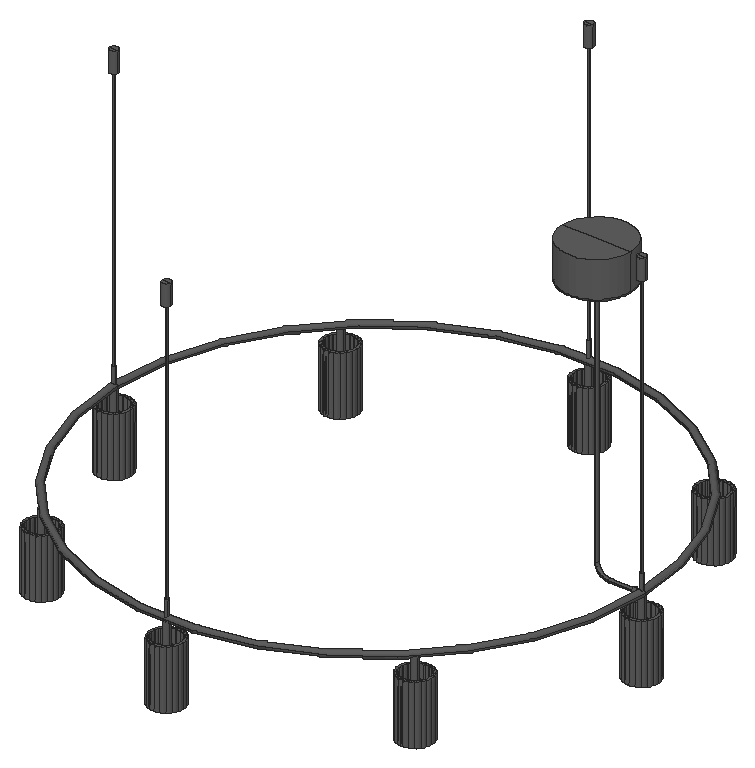
Revit family "Lighting_Pendants_Pholc_Donna_Circle-1000", category Lighting Fixtures, host Ceiling, Revit 2017
Family settings
  Host = Ceiling
  Round Connector Dimension = Use Diameter
  Part Type = Normal
  Always vertical = Yes
  Cut with Voids When Loaded = No
  Light Source = No
  Shared = No
  Room Calculation Point = No
Parameters (values of type "Donna Pendant Circle 1000 - Black Ink")
  Wattage Comments = ""
  WarrantyStartDate = "n/a"
  WarrantyGuarantorParts = "n/a"
  WarrantyGuarantorLabor = "n/a"
  WarrantyDurationUnit = "Years"
  WarrantyDurationParts = "n/a"
  WarrantyDurationLabor = "n/a"
  WarrantyDescription = "n/a"
  VersionDate = "21/04/2020"  # constant formula
  Version = "1"  # constant formula
  UsageCurrent = 0 A
  Uniclass2015Reference = "Pr_70_70_48_86"
  Uniclass2015Description = "Suspended luminaires"
  Uniclass2 = "Pr_70_70_49_86"
  URL = "https://www.pholc.se/our-products/donna-circle-100/"
  TotalWattage = 7 W
  TagNumber [instance] = "n/a"
  SustainabilityPerformance = "n/a"
  Size = "1000x1000x140 mm"
  Shape = "Sculptured"
  SerialNumber [instance] = "n/a"
  Revision = "n/a"
  ReplacementCost = "n/a"
  ProductInformation = "The Donna pendant lamp projects the feeling of a soft pleated textile, although it’s actually made from thin, light aluminium."
  PhaseReference = "n/a"
  PhaseAngle = 0.00°
  NumberOfSources = 1
  NumberOfPoles = 1
  NominalVoltageCalc = 230 V
  NominalVoltage = 230 V
  NominalLength = 1063.361 mm
  NominalHeight [instance] = 214 mm + CableLengthControl  # 714 mm
  NominalFrequencyRange = 0 Hz
  NominalDepth = 1063.361 mm
  NominalCurrent = 0 A
  Name = "Pholc_Donna_Circle-1000"
  NBSReference = "90-60-50/405"
  NBSDescription = "General purpose luminaires"
  ModelReference = ArticleNumber  # "964185"
  ModelNumber = "n/a"
  Model = "Donna Pendant Circle 1000 - Black Ink"
  Material = "Aluminium & textile"
  ManufacturersSpecificInformation = "n/a"
  ManufacturerURL = "www.pholc.se/"
  ManufacturerName = "Pholc"
  Manufacturer = "Pholc"
  MaintenanceFactor = 0
  LightFixturePlacingType = "Ceilling"
  LightFixtureMountingType = "Suspended"
  LightFixtureMainMaterial = Black ink
  Lamp = ""
  InsulationStandardClass = "Class II"
  InstallationDate = "n/a"
  IfcExportType = "NOTDEFINED"  # constant formula
  IfcExportAs = "IfcLightFixtureType"  # constant formula
  IP_Code = "IP 20"
  HasProtectiveEarth = no
  Grade = "n/a"
  Finish = "n/a"
  Features = "Textile cable. Cable length 500 cm. Socket GU10."
  ExpectedLife = "n/a"
  ElectricalDeviceNominalPower = 7 W
  DurationUnit = "Hours"
  Designer = "Nina Jobs & Stina Sandwall"
  Description = "The Donna pendant lamp projects the feeling of a soft pleated textile, although it’s actually made from thin, light aluminium. Its form is inspired by the chic fabrics used in high fashion and the challenges of creating this softness using a hard material instead of a textile. A beautiful and versatile piece with an expressive personality; equally at home in all environments. For larger spaces the Donna Line and Donna Circle can be selected in four, six or eight lamp variants, casting a warm direct light downwards."
  DefaultElevation = 0 mm
  ConvergoRefNr = "0103-1912-0004-SE"
  Constituents = "n/a"
  Color = "Black Ink"
  Collection = "Donna"
  built-in parameter 1114216 [instance] = (empty or 0)
  CodePerformance = "n/a"
  Category = "Pendant"
  CableLengthControl [instance] = if(CableLength < 200 mm, 200 mm, if(CableLength > 5000 mm, 5000 mm, CableLength))  # 500 mm
  CableLength [instance] = 500 mm
  Brand = "Pholc"
  Barcode [instance] = "n/a"
  BIMObjectName = "Lighting_Pendants_Pholc_Donna_Circle-1000"
  Author = "Convergo AB"  # constant formula
  AssetType = "Fixed"
  AssetIdentifier [instance] = "n/a"
  ArticleNumber = "964185"
  Apparent Load = 0 VA
  AccessibilityPerformance = "n/a"
Reference planes
  plane 1 "Center (Front/Back)": y = 0
  plane 2: z = 0
  plane 3 "Center (Left/Right)": x = 0
  plane 4 "Ceiling": z = 4000
  plane 5: x = -531.681
  plane 6: x = 531.681
  plane 7: y = 531.681
  plane 8: y = -531.681
  plane 9: z = 3286
Dimensions and locks
  equal spacing: host sketch curve, plane 3 "Center (Left/Right)", host sketch curve
  equal spacing: host sketch curve, plane 1 "Center (Front/Back)", host sketch curve
  host sketch curve to host sketch curve = 4000 mm  (x2)
  plane 4 "Ceiling" to host ceiling = 0 mm
  equal spacing: plane 5, plane 3 "Center (Left/Right)", plane 6
  "NominalLength": plane 5 to plane 6
  equal spacing: plane 7, plane 1 "Center (Front/Back)", plane 8
  "NominalDepth": plane 7 to plane 8
  "NominalHeight": plane 9 to plane 4 "Ceiling"
  aligned and locked: nested 1 to plane 3 "Center (Left/Right)"
  aligned and locked: nested 1 to plane 1 "Center (Front/Back)"
  aligned and locked: nested 1 to plane 4 "Ceiling"
Nested families
  nested 1: "Donna_Circle_1000" at (0, 0, 3286), CableLength <- "CableLengthControl", Metal <- "LightFixtureMainMaterial", Cable <- "LightFixtureMainMaterial", type "Donna_Circle_1000"
    with Metal Black ink, CableLength 500 mm, Cable Black ink
Connectors
  electrical at (415, 0, 4000), driven by "NominalVoltage"
    settings: on nested 1, index 1, voltage 230 V, apparent load 0 VA, apparent load phase1 0 VA, apparent load phase2 0 VA, apparent load phase3 0 VA, power factor 1, load classification "Other", number of poles 1, system type 31, power factor state 1, is connector primary yes, connector utility no, sub classification motor no, connector description ""
Definition of nested family "Donna_Circle_1000"
  Parameters (values of type "Donna_Circle_1000")
    Metal [instance] = none
    CableLength [instance] = 500 mm
    Cable [instance] = none
  Reference planes
    plane 1 "Center (Front/Back)": y = 0
    plane 2: z = 0
    plane 3 "Center (Left/Right)": x = 0
    plane 4: z = 714
    plane 5: z = 676
    plane 6: z = 644
    plane 7: z = 176
    plane 8: y = -531.681
    plane 9: y = 531.681
    plane 10: x = 531.681
    plane 11: x = -531.681
  Forms (mm)
    Revolve 1, solid, material <- "Metal", detail levels medium+fine
      sketch origin (-200, 0, 0) x (1, 0, 0) y (0, 0, 1)
        loop
          line (-308, 714) -> (-308, 676) -> (-300, 676) -> (-300, 714) -> (-308, 714)
        loop
          line (-303, 176) -> (-303, 141) -> (-300, 141) -> (-300, 176) -> (-303, 176)
        axis (-300, 141) -> (-300, 714)
      angle from 0 to 360
    Revolve 2, solid, material <- "Metal", detail levels medium+fine
      sketch origin (300, 500, 0) x (1, 0, 0) y (0, 0, 1)
        loop
          line (-308, 714) -> (-308, 676) -> (-300, 676) -> (-300, 714) -> (-308, 714)
        loop
          line (-300, 176) -> (-303, 176) -> (-303, 141) -> (-300, 141) -> (-300, 176)
        axis (-300, 141) -> (-300, 714)
      angle from 0 to 360
    Revolve 3, solid, material <- "Metal", detail levels medium+fine
      sketch origin (800, 0, 0) x (1, 0, 0) y (0, 0, 1)
        loop
          line (-308, 714) -> (-308, 676) -> (-300, 676) -> (-300, 714) -> (-308, 714)
        loop
          line (-303, 176) -> (-303, 141) -> (-300, 141) -> (-300, 176) -> (-303, 176)
        axis (-300, 141) -> (-300, 714)
      angle from 0 to 360
    Revolve 4, solid, material <- "Metal", detail levels medium+fine
      sketch origin (180, 0, 0) x (1, 0, 0) y (0, 0, 1)
        loop
          line (170, 714) -> (170, 646)
          arc (170, 646) -> (170.586, 644.586) -> (172, 644) r 2
          line (172, 644) -> (235, 644) -> (235, 714) -> (170, 714)
        axis (235, 714) -> (235, 644)
      angle from 0 to 360
    Revolve 5, solid, material <- "Metal", detail levels medium+fine
      sketch origin (0, 0, 0) x (1, 0, 0) y (0, 0, 1)
        loop
          circle (-500, 142) r 6.001
        axis (0, 142) -> (0, 141)
      angle from 0 to 360
    Sweep 6, solid, material <- "Cable", detail levels medium+fine
      path origin (200, 0, 0) x (1, 0, 0) y (0, 0, 1)
        loop
          line (215, 676) -> (215, 167)
          arc (215, 167) -> (222.322, 149.322) -> (240, 142) r 25
          line (240, 142) -> (290, 142)
      profile origin (415, 0, 421.5) x (0, -1, 0) y (1, 0, 0)
        loop
          circle (0, 0) r 3
    Revolve 7, solid, material <- "Metal", detail levels medium+fine
      sketch origin (200, 0, 0) x (1, 0, 0) y (0, 0, 1)
        loop
          line (285, 146.286) -> (285, 142) -> (300, 142) -> (300, 146.286) -> (285, 146.286)
        axis (285, 142) -> (300, 142)
      angle from 0 to 360
    Sweep 8, solid, material <- "Cable", detail levels medium+fine
      path origin (0, 0, 0) x (1, 0, 0) y (0, 0, 1)
        loop
          line (0, 176) -> (0, 676)
      profile origin (0, 0, 426) x (-1, 0, 0) y (0, -1, 0)
        loop
          circle (0, -500) r 1
        loop
          circle (-500, 0) r 1
        loop
          circle (0, 500) r 1
        loop
          circle (500, 0) r 1
    Revolve 9, solid, material <- "Metal", detail levels medium+fine
      sketch origin (300, -500, 0) x (1, 0, 0) y (0, 0, -1)
        loop
          line (-308, -714) -> (-300, -714) -> (-300, -676) -> (-308, -676) -> (-308, -714)
        loop
          line (-300, -176) -> (-300, -141) -> (-303, -141) -> (-303, -176) -> (-300, -176)
        axis (-300, -141) -> (-300, -714)
      angle from 0 to 360
    Extrusion 10, solid, material <- "Metal", detail levels coarse
      sketch origin (0, 0, 0) x (1, 0, 0) y (0, 1, 0)
        loop
          line (-531.681, 531.681) -> (-531.681, -531.681) -> (531.681, -531.681) -> (531.681, 531.681) -> (-531.681, 531.681)
      from 0 to 714
  Cuts and joins
    joined: Revolve 1, Revolve 2, Revolve 3, Revolve 5, Revolve 7, Revolve 9
  Lines and regions (mm)
    symbolic lines, detail levels medium+fine
      curve 1: arc (517.634, 24.271, 0) -> (522.629, 22.629, 0) -> (524.271, 17.634, 0) r 5.828
      curve 2: arc (524.271, 17.634, 0) -> (528.515, 14.529, 0) -> (528.532, 9.271, 0) r 5.828
      curve 3: arc (528.532, 9.271, 0) -> (531.609, 5.006, 0) -> (530, 0, 0) r 5.828
      curve 4: arc (530, 0, 0) -> (531.609, -5.006, 0) -> (528.532, -9.271, 0) r 5.828
      curve 5: arc (528.532, -9.271, 0) -> (528.515, -14.529, 0) -> (524.271, -17.634, 0) r 5.828
      curve 6: arc (524.271, -17.634, 0) -> (522.629, -22.629, 0) -> (517.634, -24.271, 0) r 5.828
      curve 7: arc (517.634, -24.271, 0) -> (514.529, -28.515, 0) -> (509.271, -28.532, 0) r 5.828
      curve 8: arc (509.271, -28.532, 0) -> (507.507, -30.577, 0) -> (505.012, -31.608, 0) r 5.828
      curve 9: arc (505.012, 31.608, 0) -> (507.507, 30.577, 0) -> (509.271, 28.532, 0) r 5.828
      curve 10: arc (509.271, 28.532, 0) -> (514.529, 28.515, 0) -> (517.634, 24.271, 0) r 5.828
      curve 31: line (-531.681, 0, 111) -> (-531.681, 0, 0)
      curve 32: line (-531.681, 0, 0) -> (-468.319, 0, 0)
      curve 33: line (-468.319, 0, 0) -> (-468.319, 0, 111)
      curve 34: line (-506, 0, 142) -> (-506, 0, 111)
      curve 35: line (-494, 0, 135.999) -> (-494, 0, 111)
      curve 36: line (-468.319, 0, 111) -> (-494, 0, 111)
      curve 38: line (-506, 0, 111) -> (-531.681, 0, 111)
      curve 39: line (-31.681, 0, 111) -> (-31.681, 0, 0)
      curve 40: line (-31.681, 0, 0) -> (31.681, 0, 0)
      curve 41: line (31.681, 0, 0) -> (31.681, 0, 111)
      curve 42: line (-6, 0, 135.999) -> (-6, 0, 111)
      curve 43: line (6, 0, 135.999) -> (6, 0, 111)
      curve 44: line (31.681, 0, 111) -> (6, 0, 111)
      curve 46: line (-6, 0, 111) -> (-31.681, 0, 111)
      curve 47: line (468.319, 0, 111) -> (468.319, 0, 0)
      curve 48: line (468.319, 0, 0) -> (531.681, 0, 0)
      curve 49: line (531.681, 0, 0) -> (531.681, 0, 111)
      curve 50: line (494, 0, 135.999) -> (494, 0, 111)
      curve 51: line (531.681, 0, 111) -> (506, 0, 111)
      curve 53: line (494, 0, 111) -> (468.319, 0, 111)
      curve 56: arc (-506, 0, 142) -> (-505.196, 0, 145) -> (-503, 0, 147.197) r 6.001
      curve 57: line (-503, 0, 176) -> (-503, 0, 147.197)
      curve 58: line (-503, 0, 176) -> (-501, 0, 176)
      curve 59: line (-497, 0, 176) -> (-497, 0, 148.001)
      curve 61: line (-497, 0, 176) -> (-499, 0, 176)
      curve 62: line (-6, 0, 135.999) -> (-347.553, 0, 135.999)
      curve 65: line (-497, 0, 148.001) -> (-3, 0, 148.001)
      curve 67: line (-501, 0, 176) -> (-501, 0, 676)
      curve 68: line (-499, 0, 176) -> (-499, 0, 676)
      curve 69: line (-3, 0, 176) -> (-3, 0, 148.001)
      curve 70: line (-3, 0, 176) -> (-1, 0, 176)
      curve 71: line (3, 0, 176) -> (3, 0, 148.001)
      curve 73: line (3, 0, 176) -> (1, 0, 176)
      curve 74: line (-1, 0, 176) -> (-1, 0, 676)
      curve 75: line (1, 0, 176) -> (1, 0, 676)
      curve 77: line (3, 0, 148.001) -> (419.432, 0, 148.001)
      curve 79: arc (503, 0, 147.197) -> (505.196, 0, 145) -> (506, 0, 142) r 6.001
      curve 80: line (506, 0, 111) -> (506, 0, 142)
      curve 82: line (-508, 0, 714) -> (-508, 0, 676)
      curve 83: line (-508, 0, 714) -> (-492, 0, 714)
      curve 84: line (-492, 0, 714) -> (-492, 0, 676)
      curve 85: line (-508, 0, 676) -> (-501, 0, 676)
      curve 87: line (-499, 0, 676) -> (-492, 0, 676)
      curve 88: line (-8, 0, 714) -> (-8, 0, 676)
      curve 89: line (-8, 0, 714) -> (8, 0, 714)
      curve 90: line (8, 0, 714) -> (8, 0, 676)
      curve 91: line (-8, 0, 676) -> (-1, 0, 676)
      curve 93: line (1, 0, 676) -> (8, 0, 676)
      curve 94: line (350, 0, 714) -> (350, 0, 646)
      curve 95: arc (350, 0, 646) -> (350.586, 0, 644.586) -> (352, 0, 644) r 2
      curve 96: line (352, 0, 644) -> (412, 0, 644)
      curve 97: line (480, 0, 714) -> (480, 0, 646)
      curve 98: arc (480, 0, 646) -> (479.414, 0, 644.586) -> (478, 0, 644) r 2
      curve 99: line (412, 0, 644) -> (412, 0, 167)
      curve 100: line (418, 0, 644) -> (418, 0, 167)
      curve 101: line (350, 0, 714) -> (480, 0, 714)
      curve 102: line (478, 0, 644) -> (418, 0, 644)
      curve 104: arc (428.908, 0, 148.001) -> (420.921, 0, 156.046) -> (418, 0, 167) r 22
      curve 105: arc (419.432, 0, 148.001) -> (413.924, 0, 156.799) -> (412, 0, 167) r 28
      curve 106: line (428.908, 0, 148.001) -> (497, 0, 148.001)
      curve 108: line (0, 506, 111) -> (0, 531.681, 111)
      curve 109: line (0, 531.681, 111) -> (0, 531.681, 0)
      curve 110: line (0, 531.681, 0) -> (0, 468.319, 0)
      curve 111: line (0, 468.319, 0) -> (0, 468.319, 111)
      curve 112: line (0, 506, 142) -> (0, 506, 111)
      curve 114: line (0, 494, 111) -> (0, 468.319, 111)
      curve 115: line (0, 494, 135.999) -> (0, 494, 111)
      curve 116: line (0, 6, 111) -> (0, 31.681, 111)
      curve 117: line (0, 31.681, 111) -> (0, 31.681, 0)
      curve 118: line (0, 31.681, 0) -> (0, -31.681, 0)
      curve 119: line (0, -31.681, 0) -> (0, -31.681, 111)
      curve 120: line (0, 6, 135.999) -> (0, 6, 111)
      curve 122: line (0, -6, 111) -> (0, -31.681, 111)
      curve 123: line (0, -6, 135.999) -> (0, -6, 111)
      curve 127: line (0, 503, 176) -> (0, 503, 147.197)
      curve 128: line (0, 503, 176) -> (0, 501, 176)
      curve 129: line (0, 497, 176) -> (0, 497, 148.001)
      curve 131: line (0, 494, 135.999) -> (0, 359.553, 135.999)
      curve 133: line (0, 3, 176) -> (0, 3, 148.001)
      curve 134: line (0, -3, 176) -> (0, -3, 148.001)
      curve 136: line (0, -3, 148.001) -> (0, -497, 148.001)
      curve 137: line (0, 501, 176) -> (0, 501, 676)
      curve 138: line (0, 499, 176) -> (0, 499, 676)
      curve 139: line (0, 499, 176) -> (0, 497, 176)
      curve 141: line (0, 3, 176) -> (0, 3, 644)
      curve 142: line (0, -3, 176) -> (0, -3, 644)
      curve 145: line (0, 508, 714) -> (0, 508, 676)
      curve 146: line (0, 508, 714) -> (0, 492, 714)
      curve 147: line (0, 492, 714) -> (0, 492, 676)
      curve 148: line (0, 492, 676) -> (0, 499, 676)
      curve 150: line (0, 501, 676) -> (0, 508, 676)
      curve 151: line (0, 65, 714) -> (0, 65, 646)
      curve 152: line (0, 65, 714) -> (0, -65, 714)
      curve 153: line (0, -65, 714) -> (0, -65, 646)
      curve 154: line (0, 63, 644) -> (0, 3, 644)
      curve 155: line (0, -63, 644) -> (0, -3, 644)
      curve 156: arc (0, 65, 646) -> (0, 64.414, 644.586) -> (0, 63, 644) r 2
      curve 157: arc (0, -65, 646) -> (0, -64.414, 644.586) -> (0, -63, 644) r 2
      curve 159: line (0, 497, 148.001) -> (0, 3, 148.001)
      curve 160: arc (-371.187, 377.824, 0) -> (-376.183, 376.183, 0) -> (-377.824, 371.187, 0) r 5.828
      curve 161: arc (-377.824, 371.187, 0) -> (-382.068, 368.082, 0) -> (-382.085, 362.824, 0) r 5.828
      curve 162: arc (-382.085, 362.824, 0) -> (-385.162, 358.56, 0) -> (-383.553, 353.553, 0) r 5.828
      curve 163: arc (-383.553, 353.553, 0) -> (-385.162, 348.547, 0) -> (-382.085, 344.283, 0) r 5.828
      curve 164: arc (-382.085, 344.283, 0) -> (-382.178, 339.252, 0) -> (-378.318, 336.023, 0) r 5.828
      curve 174: arc (-336.023, 378.318, 0) -> (-339.252, 382.178, 0) -> (-344.283, 382.085, 0) r 5.828
      curve 175: arc (-344.283, 382.085, 0) -> (-348.547, 385.162, 0) -> (-353.553, 383.553, 0) r 5.828
      curve 176: arc (-353.553, 383.553, 0) -> (-358.56, 385.162, 0) -> (-362.824, 382.085, 0) r 5.828
      curve 177: arc (-362.824, 382.085, 0) -> (-368.082, 382.068, 0) -> (-371.187, 377.824, 0) r 5.828
      curve 240: arc (-9.271, 528.532, 0) -> (-14.529, 528.515, 0) -> (-17.634, 524.271, 0) r 5.828
      curve 241: arc (-17.634, 524.271, 0) -> (-22.629, 522.629, 0) -> (-24.271, 517.634, 0) r 5.828
      curve 242: arc (-24.271, 517.634, 0) -> (-28.515, 514.529, 0) -> (-28.532, 509.271, 0) r 5.828
      curve 243: arc (-28.532, 509.271, 0) -> (-30.577, 507.507, 0) -> (-31.608, 505.012, 0) r 5.828
      curve 254: arc (31.608, 505.012, 0) -> (30.577, 507.507, 0) -> (28.532, 509.271, 0) r 5.828
      curve 255: arc (28.532, 509.271, 0) -> (28.515, 514.529, 0) -> (24.271, 517.634, 0) r 5.828
      curve 256: arc (24.271, 517.634, 0) -> (22.629, 522.629, 0) -> (17.634, 524.271, 0) r 5.828
      curve 257: arc (17.634, 524.271, 0) -> (14.529, 528.515, 0) -> (9.271, 528.532, 0) r 5.828
      curve 258: arc (9.271, 528.532, 0) -> (5.006, 531.609, 0) -> (0, 530, 0) r 5.828
      curve 259: arc (0, 530, 0) -> (-5.006, 531.609, 0) -> (-9.271, 528.532, 0) r 5.828
      curve 299: arc (344.283, 382.085, 0) -> (339.252, 382.178, 0) -> (336.023, 378.318, 0) r 5.828
      curve 309: arc (378.318, 336.023, 0) -> (382.178, 339.252, 0) -> (382.085, 344.283, 0) r 5.828
      curve 310: arc (382.085, 344.283, 0) -> (385.162, 348.547, 0) -> (383.553, 353.553, 0) r 5.828
      curve 311: arc (383.553, 353.553, 0) -> (385.162, 358.56, 0) -> (382.085, 362.824, 0) r 5.828
      curve 312: arc (382.085, 362.824, 0) -> (382.068, 368.082, 0) -> (377.824, 371.187, 0) r 5.828
      curve 313: arc (377.824, 371.187, 0) -> (376.183, 376.183, 0) -> (371.187, 377.824, 0) r 5.828
      curve 314: arc (371.187, 377.824, 0) -> (368.082, 382.068, 0) -> (362.824, 382.085, 0) r 5.828
      curve 315: arc (362.824, 382.085, 0) -> (358.56, 385.162, 0) -> (353.553, 383.553, 0) r 5.828
      curve 316: arc (353.553, 383.553, 0) -> (348.547, 385.162, 0) -> (344.283, 382.085, 0) r 5.828
      curve 355: arc (-371.187, -377.824, 0) -> (-376.183, -376.183, 0) -> (-377.824, -371.187, 0) r 5.828
      curve 356: arc (-377.824, -371.187, 0) -> (-382.068, -368.082, 0) -> (-382.085, -362.824, 0) r 5.828
      curve 357: arc (-382.085, -362.824, 0) -> (-385.162, -358.56, 0) -> (-383.553, -353.553, 0) r 5.828
      curve 358: arc (-383.553, -353.553, 0) -> (-385.162, -348.547, 0) -> (-382.085, -344.283, 0) r 5.828
      curve 359: arc (-382.085, -344.283, 0) -> (-382.178, -339.252, 0) -> (-378.318, -336.023, 0) r 5.828
      curve 369: arc (-336.023, -378.318, 0) -> (-339.252, -382.178, 0) -> (-344.283, -382.085, 0) r 5.828
      curve 370: arc (-344.283, -382.085, 0) -> (-348.547, -385.162, 0) -> (-353.553, -383.553, 0) r 5.828
      curve 371: arc (-353.553, -383.553, 0) -> (-358.56, -385.162, 0) -> (-362.824, -382.085, 0) r 5.828
      curve 372: arc (-362.824, -382.085, 0) -> (-368.082, -382.068, 0) -> (-371.187, -377.824, 0) r 5.828
      curve 411: arc (-9.271, -528.532, 0) -> (-14.529, -528.515, 0) -> (-17.634, -524.271, 0) r 5.828
      curve 412: arc (-17.634, -524.271, 0) -> (-22.629, -522.629, 0) -> (-24.271, -517.634, 0) r 5.828
      curve 413: arc (-24.271, -517.634, 0) -> (-28.515, -514.529, 0) -> (-28.532, -509.271, 0) r 5.828
      curve 414: arc (-28.532, -509.271, 0) -> (-30.577, -507.507, 0) -> (-31.608, -505.012, 0) r 5.828
      curve 425: arc (31.608, -505.012, 0) -> (30.577, -507.507, 0) -> (28.532, -509.271, 0) r 5.828
      curve 426: arc (28.532, -509.271, 0) -> (28.515, -514.529, 0) -> (24.271, -517.634, 0) r 5.828
      curve 427: arc (24.271, -517.634, 0) -> (22.629, -522.629, 0) -> (17.634, -524.271, 0) r 5.828
      curve 428: arc (17.634, -524.271, 0) -> (14.529, -528.515, 0) -> (9.271, -528.532, 0) r 5.828
      curve 429: arc (9.271, -528.532, 0) -> (5.006, -531.609, 0) -> (0, -530, 0) r 5.828
      curve 430: arc (0, -530, 0) -> (-5.006, -531.609, 0) -> (-9.271, -528.532, 0) r 5.828
      curve 468: arc (344.283, -382.085, 0) -> (339.252, -382.178, 0) -> (336.023, -378.318, 0) r 5.828
      curve 478: arc (378.318, -336.023, 0) -> (382.178, -339.252, 0) -> (382.085, -344.283, 0) r 5.828
      curve 479: arc (382.085, -344.283, 0) -> (385.162, -348.547, 0) -> (383.553, -353.553, 0) r 5.828
      curve 480: arc (383.553, -353.553, 0) -> (385.162, -358.56, 0) -> (382.085, -362.824, 0) r 5.828
      curve 481: arc (382.085, -362.824, 0) -> (382.068, -368.082, 0) -> (377.824, -371.187, 0) r 5.828
      curve 482: arc (377.824, -371.187, 0) -> (376.183, -376.183, 0) -> (371.187, -377.824, 0) r 5.828
      curve 483: arc (371.187, -377.824, 0) -> (368.082, -382.068, 0) -> (362.824, -382.085, 0) r 5.828
      curve 484: arc (362.824, -382.085, 0) -> (358.56, -385.162, 0) -> (353.553, -383.553, 0) r 5.828
      curve 485: arc (353.553, -383.553, 0) -> (348.547, -385.162, 0) -> (344.283, -382.085, 0) r 5.828
      curve 526: arc (31.608, -505.012, 0) -> (194.425, -467.156, 0) -> (336.023, -378.318, 0) r 506
      curve 528: arc (-336.023, -378.318, 0) -> (-194.425, -467.156, 0) -> (-31.608, -505.012, 0) r 506
      curve 531: arc (378.318, -336.023, 0) -> (467.156, -194.425, 0) -> (505.012, -31.608, 0) r 506
      curve 533: arc (505.012, 31.608, 0) -> (467.156, 194.425, 0) -> (378.318, 336.023, 0) r 506
      curve 535: arc (336.023, 378.318, 0) -> (194.425, 467.156, 0) -> (31.608, 505.012, 0) r 506
      curve 537: arc (-31.608, 505.012, 0) -> (-194.425, 467.156, 0) -> (-336.023, 378.318, 0) r 506
      curve 539: arc (-378.318, 336.023, 0) -> (-467.156, 194.425, 0) -> (-505.012, 31.608, 0) r 506
      curve 540: arc (-517.634, 24.271, 0) -> (-522.629, 22.629, 0) -> (-524.271, 17.634, 0) r 5.828
      curve 541: arc (-524.271, 17.634, 0) -> (-528.515, 14.529, 0) -> (-528.532, 9.271, 0) r 5.828
      curve 542: arc (-528.532, 9.271, 0) -> (-531.609, 5.006, 0) -> (-530, 0, 0) r 5.828
      curve 543: arc (-530, 0, 0) -> (-531.609, -5.006, 0) -> (-528.532, -9.271, 0) r 5.828
      curve 544: arc (-528.532, -9.271, 0) -> (-528.515, -14.529, 0) -> (-524.271, -17.634, 0) r 5.828
      curve 545: arc (-524.271, -17.634, 0) -> (-522.629, -22.629, 0) -> (-517.634, -24.271, 0) r 5.828
      curve 546: arc (-517.634, -24.271, 0) -> (-514.529, -28.515, 0) -> (-509.271, -28.532, 0) r 5.828
      curve 547: arc (-509.271, -28.532, 0) -> (-507.507, -30.577, 0) -> (-505.012, -31.608, 0) r 5.828
      curve 558: arc (-505.012, 31.608, 0) -> (-507.507, 30.577, 0) -> (-509.271, 28.532, 0) r 5.828
      curve 559: arc (-509.271, 28.532, 0) -> (-514.529, 28.515, 0) -> (-517.634, 24.271, 0) r 5.828
      curve 600: arc (-505.012, -31.608, 0) -> (-467.156, -194.425, 0) -> (-378.318, -336.023, 0) r 506
      curve 601: line (-385.234, 0, 111) -> (-385.234, 0, 0)
      curve 602: line (-385.234, 0, 0) -> (-321.873, 0, 0)
      curve 603: line (-321.873, 0, 0) -> (-321.873, 0, 111)
      curve 604: line (-359.553, 0, 135.999) -> (-359.553, 0, 111)
      curve 605: line (-347.553, 0, 135.999) -> (-347.553, 0, 111)
      curve 606: line (-321.873, 0, 111) -> (-347.553, 0, 111)
      curve 608: line (-359.553, 0, 111) -> (-385.234, 0, 111)
      curve 610: line (-359.553, 0, 135.999) -> (-494, 0, 135.999)
      curve 611: line (6, 0, 135.999) -> (347.553, 0, 135.999)
      curve 612: line (385.234, 0, 111) -> (385.234, 0, 0)
      curve 613: line (385.234, 0, 0) -> (321.873, 0, 0)
      curve 614: line (321.873, 0, 0) -> (321.873, 0, 111)
      curve 615: line (359.553, 0, 135.999) -> (359.553, 0, 111)
      curve 616: line (347.553, 0, 135.999) -> (347.553, 0, 111)
      curve 617: line (321.873, 0, 111) -> (347.553, 0, 111)
      curve 619: line (359.553, 0, 111) -> (385.234, 0, 111)
      curve 621: line (359.553, 0, 135.999) -> (494, 0, 135.999)
      curve 623: line (503, 0, 176) -> (503, 0, 147.197)
      curve 624: line (503, 0, 176) -> (501, 0, 176)
      curve 625: line (497, 0, 176) -> (497, 0, 148.001)
      curve 627: line (497, 0, 176) -> (499, 0, 176)
      curve 629: line (501, 0, 176) -> (501, 0, 676)
      curve 630: line (499, 0, 176) -> (499, 0, 676)
      curve 631: line (508, 0, 714) -> (508, 0, 676)
      curve 632: line (508, 0, 714) -> (492, 0, 714)
      curve 633: line (492, 0, 714) -> (492, 0, 676)
      curve 634: line (508, 0, 676) -> (501, 0, 676)
      curve 636: line (499, 0, 676) -> (492, 0, 676)
      curve 637: arc (0, 506, 142) -> (0, 505.196, 145) -> (0, 503, 147.197) r 6.001
      curve 639: line (0, -506, 111) -> (0, -531.681, 111)
      curve 640: line (0, -531.681, 111) -> (0, -531.681, 0)
      curve 641: line (0, -531.681, 0) -> (0, -468.319, 0)
      curve 642: line (0, -468.319, 0) -> (0, -468.319, 111)
      curve 643: line (0, -506, 142) -> (0, -506, 111)
      curve 645: line (0, -494, 111) -> (0, -468.319, 111)
      curve 646: line (0, -494, 135.999) -> (0, -494, 111)
      curve 650: line (0, -503, 176) -> (0, -503, 147.197)
      curve 651: line (0, -503, 176) -> (0, -501, 176)
      curve 652: line (0, -497, 176) -> (0, -497, 148.001)
      curve 653: line (0, -501, 176) -> (0, -501, 676)
      curve 654: line (0, -499, 176) -> (0, -499, 676)
      curve 655: line (0, -499, 176) -> (0, -497, 176)
      curve 657: line (0, -508, 714) -> (0, -508, 676)
      curve 658: line (0, -508, 714) -> (0, -492, 714)
      curve 659: line (0, -492, 714) -> (0, -492, 676)
      curve 660: line (0, -492, 676) -> (0, -499, 676)
      curve 662: line (0, -501, 676) -> (0, -508, 676)
      curve 663: arc (0, -506, 142) -> (0, -505.196, 145) -> (0, -503, 147.197) r 6.001
      curve 665: line (0, 359.553, 111) -> (0, 385.234, 111)
      curve 666: line (0, 385.234, 111) -> (0, 385.234, 0)
      curve 667: line (0, 385.234, 0) -> (0, 321.873, 0)
      curve 668: line (0, 321.873, 0) -> (0, 321.873, 111)
      curve 669: line (0, 359.553, 135.999) -> (0, 359.553, 111)
      curve 671: line (0, 347.553, 111) -> (0, 321.873, 111)
      curve 672: line (0, 347.553, 135.999) -> (0, 347.553, 111)
      curve 674: line (0, 347.553, 135.999) -> (0, 6, 135.999)
      curve 675: line (0, -494, 135.999) -> (0, -359.553, 135.999)
      curve 676: line (0, -359.553, 111) -> (0, -385.234, 111)
      curve 677: line (0, -385.234, 111) -> (0, -385.234, 0)
      curve 678: line (0, -385.234, 0) -> (0, -321.873, 0)
      curve 679: line (0, -321.873, 0) -> (0, -321.873, 111)
      curve 680: line (0, -359.553, 135.999) -> (0, -359.553, 111)
      curve 682: line (0, -347.553, 111) -> (0, -321.873, 111)
      curve 683: line (0, -347.553, 135.999) -> (0, -347.553, 111)
      curve 685: line (0, -347.553, 135.999) -> (0, -6, 135.999)
    symbolic lines, detail levels fine
      curve 11: arc (505.265, -27.257, 0) -> (505.52, -26.997, 0) -> (505.718, -26.693, 0) r 1.828
      curve 12: arc (505.718, -26.693, 0) -> (508.034, -24.727, 0) -> (511.063, -24.956, 0) r 4
      curve 13: arc (511.063, -24.956, 0) -> (512.713, -24.951, 0) -> (513.687, -23.619, 0) r 1.828
      curve 14: arc (513.687, -23.619, 0) -> (515.282, -21.034, 0) -> (518.234, -20.316, 0) r 4
      curve 15: arc (518.234, -20.316, 0) -> (519.801, -19.801, 0) -> (520.316, -18.234, 0) r 1.828
      curve 16: arc (520.316, -18.234, 0) -> (521.034, -15.282, 0) -> (523.619, -13.687, 0) r 4
      curve 17: arc (523.619, -13.687, 0) -> (524.951, -12.713, 0) -> (524.956, -11.063, 0) r 1.828
      curve 18: arc (524.956, -11.063, 0) -> (524.727, -8.034, 0) -> (526.693, -5.718, 0) r 4
      curve 19: arc (526.693, -5.718, 0) -> (527.658, -4.381, 0) -> (527.153, -2.81, 0) r 1.828
      curve 20: arc (527.153, -2.81, 0) -> (526, 0, 0) -> (527.153, 2.81, 0) r 4
      curve 21: arc (527.153, 2.81, 0) -> (527.658, 4.381, 0) -> (526.693, 5.718, 0) r 1.828
      curve 22: arc (526.693, 5.718, 0) -> (524.727, 8.034, 0) -> (524.956, 11.063, 0) r 4
      curve 23: arc (524.956, 11.063, 0) -> (524.951, 12.713, 0) -> (523.619, 13.687, 0) r 1.828
      curve 24: arc (523.619, 13.687, 0) -> (521.034, 15.282, 0) -> (520.316, 18.234, 0) r 4
      curve 25: arc (520.316, 18.234, 0) -> (519.801, 19.801, 0) -> (518.234, 20.316, 0) r 1.828
      curve 26: arc (518.234, 20.316, 0) -> (515.282, 21.034, 0) -> (513.687, 23.619, 0) r 4
      curve 27: arc (513.687, 23.619, 0) -> (512.713, 24.951, 0) -> (511.063, 24.956, 0) r 1.828
      curve 28: arc (511.063, 24.956, 0) -> (508.034, 24.727, 0) -> (505.718, 26.693, 0) r 4
      curve 29: arc (505.718, 26.693, 0) -> (505.52, 26.997, 0) -> (505.265, 27.257, 0) r 1.828
      curve 30: circle (415, 0, 0) r 65 normal (0, 0, -1)
      curve 37: line (-506, 0, 111) -> (-494, 0, 111)
      curve 45: line (-6, 0, 111) -> (6, 0, 111)
      curve 52: line (494, 0, 111) -> (506, 0, 111)
      curve 54: line (-499.999, 0, 148.001) -> (-497, 0, 148.001)
      curve 55: arc (-499.999, 0, 135.999) -> (-504.242, 0, 137.757) -> (-506, 0, 142) r 6.001
      curve 60: line (-499, 0, 176) -> (-501, 0, 176)
      curve 63: line (6, 0, 135.999) -> (-6, 0, 135.999)
      curve 64: arc (-503, 0, 147.197) -> (-501.553, 0, 147.796) -> (-499.999, 0, 148.001) r 6.001
      curve 66: line (-494, 0, 135.999) -> (-499.999, 0, 135.999)
      curve 72: line (1, 0, 176) -> (-1, 0, 176)
      curve 76: line (-3, 0, 148.001) -> (3, 0, 148.001)
      curve 78: line (494, 0, 135.999) -> (499.999, 0, 135.999)
      curve 81: arc (506, 0, 142) -> (504.242, 0, 137.757) -> (499.999, 0, 135.999) r 6.001
      curve 86: line (-501, 0, 676) -> (-499, 0, 676)
      curve 92: line (-1, 0, 676) -> (1, 0, 676)
      curve 103: line (412, 0, 644) -> (418, 0, 644)
      curve 107: line (419.432, 0, 148.001) -> (428.908, 0, 148.001)
      curve 113: line (0, 506, 111) -> (0, 494, 111)
      curve 121: line (0, 6, 111) -> (0, -6, 111)
      curve 124: arc (0, 499.999, 135.999) -> (0, 504.242, 137.757) -> (0, 506, 142) r 6.001
      curve 125: line (0, 499.999, 135.999) -> (0, 494, 135.999)
      curve 126: line (0, 499.999, 148.001) -> (0, 497, 148.001)
      curve 130: line (0, 6, 135.999) -> (0, -6, 135.999)
      curve 132: line (0, -3, 176) -> (0, 3, 176)
      curve 135: line (0, 3, 148.001) -> (0, -3, 148.001)
      curve 140: line (0, 501, 176) -> (0, 499, 176)
      curve 143: line (0, 1, 176) -> (0, 1, 644)
      curve 144: line (0, -1, 176) -> (0, -1, 644)
      curve 149: line (0, 499, 676) -> (0, 501, 676)
      curve 158: line (0, 3, 644) -> (0, -3, 644)
      curve 165: arc (-370.284, 326.995, 0) -> (-366.927, 324.597, 0) -> (-362.824, 325.022, 0) r 5.828
      curve 166: arc (-362.824, 325.022, 0) -> (-358.56, 321.945, 0) -> (-353.553, 323.553, 0) r 5.828
      curve 167: arc (-353.553, 323.553, 0) -> (-348.547, 321.945, 0) -> (-344.283, 325.022, 0) r 5.828
      curve 168: arc (-344.283, 325.022, 0) -> (-339.024, 325.039, 0) -> (-335.92, 329.283, 0) r 5.828
      curve 169: arc (-335.92, 329.283, 0) -> (-330.924, 330.924, 0) -> (-329.283, 335.92, 0) r 5.828
      curve 170: arc (-329.283, 335.92, 0) -> (-325.039, 339.024, 0) -> (-325.022, 344.283, 0) r 5.828
      curve 171: arc (-325.022, 344.283, 0) -> (-321.945, 348.547, 0) -> (-323.553, 353.553, 0) r 5.828
      curve 172: arc (-323.553, 353.553, 0) -> (-321.945, 358.56, 0) -> (-325.022, 362.824, 0) r 5.828
      curve 173: arc (-325.022, 362.824, 0) -> (-324.597, 366.927, 0) -> (-326.995, 370.284, 0) r 5.828
      curve 178: arc (-371.787, 373.869, 0) -> (-368.836, 374.588, 0) -> (-367.24, 377.173, 0) r 4
      curve 179: arc (-367.24, 377.173, 0) -> (-366.266, 378.504, 0) -> (-364.617, 378.509, 0) r 1.828
      curve 180: arc (-364.617, 378.509, 0) -> (-361.588, 378.281, 0) -> (-359.272, 380.246, 0) r 4
      curve 181: arc (-359.272, 380.246, 0) -> (-357.934, 381.211, 0) -> (-356.364, 380.707, 0) r 1.828
      curve 182: arc (-356.364, 380.707, 0) -> (-353.553, 379.553, 0) -> (-350.743, 380.707, 0) r 4
      curve 183: arc (-350.743, 380.707, 0) -> (-349.173, 381.211, 0) -> (-347.835, 380.246, 0) r 1.828
      curve 184: arc (-347.835, 380.246, 0) -> (-345.519, 378.281, 0) -> (-342.49, 378.509, 0) r 4
      curve 185: arc (-342.49, 378.509, 0) -> (-340.84, 378.504, 0) -> (-339.866, 377.173, 0) r 1.828
      curve 186: arc (-339.866, 377.173, 0) -> (-339.616, 376.295, 0) -> (-339.173, 375.497, 0) r 4
      curve 187: arc (-330.318, 367.323, 0) -> (-330.127, 367.277, 0) -> (-329.934, 367.24, 0) r 4
      curve 188: arc (-329.934, 367.24, 0) -> (-328.603, 366.266, 0) -> (-328.597, 364.617, 0) r 1.828
      curve 189: arc (-328.597, 364.617, 0) -> (-328.826, 361.588, 0) -> (-326.861, 359.272, 0) r 4
      curve 190: arc (-326.861, 359.272, 0) -> (-325.895, 357.934, 0) -> (-326.4, 356.364, 0) r 1.828
      curve 191: arc (-326.4, 356.364, 0) -> (-327.553, 353.553, 0) -> (-326.4, 350.743, 0) r 4
      curve 192: arc (-326.4, 350.743, 0) -> (-325.895, 349.173, 0) -> (-326.861, 347.835, 0) r 1.828
      curve 193: arc (-326.861, 347.835, 0) -> (-328.826, 345.519, 0) -> (-328.597, 342.49, 0) r 4
      curve 194: arc (-328.597, 342.49, 0) -> (-328.603, 340.84, 0) -> (-329.934, 339.866, 0) r 1.828
      curve 195: arc (-329.934, 339.866, 0) -> (-332.519, 338.271, 0) -> (-333.238, 335.32, 0) r 4
      curve 196: arc (-333.238, 335.32, 0) -> (-333.752, 333.752, 0) -> (-335.32, 333.238, 0) r 1.828
      curve 197: arc (-335.32, 333.238, 0) -> (-338.271, 332.519, 0) -> (-339.866, 329.934, 0) r 4
      curve 198: arc (-339.866, 329.934, 0) -> (-340.84, 328.603, 0) -> (-342.49, 328.597, 0) r 1.828
      curve 199: arc (-342.49, 328.597, 0) -> (-345.519, 328.826, 0) -> (-347.835, 326.861, 0) r 4
      curve 200: arc (-347.835, 326.861, 0) -> (-349.173, 325.895, 0) -> (-350.743, 326.4, 0) r 1.828
      curve 201: arc (-350.743, 326.4, 0) -> (-353.553, 327.553, 0) -> (-356.364, 326.4, 0) r 4
      curve 202: arc (-356.364, 326.4, 0) -> (-357.934, 325.895, 0) -> (-359.272, 326.861, 0) r 1.828
      curve 203: arc (-359.272, 326.861, 0) -> (-361.588, 328.826, 0) -> (-364.617, 328.597, 0) r 4
      curve 204: arc (-364.617, 328.597, 0) -> (-366.266, 328.603, 0) -> (-367.24, 329.934, 0) r 1.828
      curve 205: arc (-367.24, 329.934, 0) -> (-367.277, 330.127, 0) -> (-367.323, 330.318, 0) r 4
      curve 206: arc (-375.497, 339.173, 0) -> (-376.295, 339.616, 0) -> (-377.173, 339.866, 0) r 4
      curve 207: arc (-377.173, 339.866, 0) -> (-378.504, 340.84, 0) -> (-378.509, 342.49, 0) r 1.828
      curve 208: arc (-378.509, 342.49, 0) -> (-378.281, 345.519, 0) -> (-380.246, 347.835, 0) r 4
      curve 209: arc (-380.246, 347.835, 0) -> (-381.211, 349.173, 0) -> (-380.707, 350.743, 0) r 1.828
      curve 210: arc (-380.707, 350.743, 0) -> (-379.553, 353.553, 0) -> (-380.707, 356.364, 0) r 4
      curve 211: arc (-380.707, 356.364, 0) -> (-381.211, 357.934, 0) -> (-380.246, 359.272, 0) r 1.828
      curve 212: arc (-380.246, 359.272, 0) -> (-378.281, 361.588, 0) -> (-378.509, 364.617, 0) r 4
      curve 213: arc (-378.509, 364.617, 0) -> (-378.504, 366.266, 0) -> (-377.173, 367.24, 0) r 1.828
      curve 214: arc (-377.173, 367.24, 0) -> (-374.588, 368.836, 0) -> (-373.869, 371.787, 0) r 4
      curve 215: arc (-373.869, 371.787, 0) -> (-373.354, 373.354, 0) -> (-371.787, 373.869, 0) r 1.828
      curve 216: line (485, 4.286, 0) -> (493.245, 4.286, 0)
      curve 217: line (485, 4.286, 0) -> (485, -4.286, 0)
      curve 218: line (485, -4.286, 0) -> (493.245, -4.286, 0)
      curve 219: line (485, 3, 0) -> (479.931, 3, 0)
      curve 220: line (485, -3, 0) -> (479.931, -3, 0)
      curve 221: arc (490.729, 28.532, 0) -> (491.707, 29.894, 0) -> (493.031, 30.923, 0) r 5.828
      curve 222: arc (482.366, 24.271, 0) -> (485.471, 28.515, 0) -> (490.729, 28.532, 0) r 5.828
      curve 223: arc (476.397, 21.339, 0) -> (478.923, 23.74, 0) -> (482.366, 24.271, 0) r 5.828
      curve 224: arc (479.684, 18.234, 0) -> (479.48, 16.244, 0) -> (478.339, 14.602, 0) r 4
      curve 225: arc (481.766, 20.316, 0) -> (480.199, 19.801, 0) -> (479.684, 18.234, 0) r 1.828
      curve 226: arc (486.313, 23.619, 0) -> (484.718, 21.034, 0) -> (481.766, 20.316, 0) r 4
      curve 227: arc (488.937, 24.956, 0) -> (487.287, 24.951, 0) -> (486.313, 23.619, 0) r 1.828
      curve 228: arc (493.341, 25.502, 0) -> (491.222, 24.562, 0) -> (488.937, 24.956, 0) r 4
      curve 229: circle (500, 0, 0) r 8 normal (0, 0, -1)
      curve 230: arc (505.972, 5.323, 0) -> (505.663, 18.472, 0) -> (505.012, 31.608, 0) r 506
      curve 231: arc (493.972, 5.26, 0) -> (349.311, 349.311, 0) -> (5.26, 493.972, 0) r 494
      curve 232: arc (490.729, -28.532, 0) -> (491.707, -29.894, 0) -> (493.031, -30.923, 0) r 5.828
      curve 233: arc (482.366, -24.271, 0) -> (485.471, -28.515, 0) -> (490.729, -28.532, 0) r 5.828
      curve 234: arc (476.397, -21.339, 0) -> (478.923, -23.74, 0) -> (482.366, -24.271, 0) r 5.828
      curve 235: arc (479.684, -18.234, 0) -> (479.48, -16.244, 0) -> (478.339, -14.602, 0) r 4
      curve 236: arc (481.766, -20.316, 0) -> (480.199, -19.801, 0) -> (479.684, -18.234, 0) r 1.828
      curve 237: arc (486.313, -23.619, 0) -> (484.718, -21.034, 0) -> (481.766, -20.316, 0) r 4
      curve 238: arc (488.937, -24.956, 0) -> (487.287, -24.951, 0) -> (486.313, -23.619, 0) r 1.828
      curve 239: arc (493.341, -25.502, 0) -> (491.222, -24.562, 0) -> (488.937, -24.956, 0) r 4
      curve 244: arc (-30.923, 493.031, 0) -> (-29.894, 491.707, 0) -> (-28.532, 490.729, 0) r 5.828
      curve 245: arc (-28.532, 490.729, 0) -> (-28.515, 485.471, 0) -> (-24.271, 482.366, 0) r 5.828
      curve 246: arc (-24.271, 482.366, 0) -> (-22.629, 477.371, 0) -> (-17.634, 475.729, 0) r 5.828
      curve 247: arc (-17.634, 475.729, 0) -> (-14.529, 471.485, 0) -> (-9.271, 471.468, 0) r 5.828
      curve 248: arc (-9.271, 471.468, 0) -> (-5.006, 468.391, 0) -> (0, 470, 0) r 5.828
      curve 249: arc (0, 470, 0) -> (5.006, 468.391, 0) -> (9.271, 471.468, 0) r 5.828
      curve 250: arc (9.271, 471.468, 0) -> (14.529, 471.485, 0) -> (17.634, 475.729, 0) r 5.828
      curve 251: arc (17.634, 475.729, 0) -> (22.629, 477.371, 0) -> (24.271, 482.366, 0) r 5.828
      curve 252: arc (24.271, 482.366, 0) -> (28.515, 485.471, 0) -> (28.532, 490.729, 0) r 5.828
      curve 253: arc (28.532, 490.729, 0) -> (29.894, 491.707, 0) -> (30.923, 493.031, 0) r 5.828
      curve 260: arc (-11.063, 524.956, 0) -> (-8.034, 524.727, 0) -> (-5.718, 526.693, 0) r 4
      curve 261: arc (-5.718, 526.693, 0) -> (-4.381, 527.658, 0) -> (-2.81, 527.153, 0) r 1.828
      curve 262: arc (-2.81, 527.153, 0) -> (0, 526, 0) -> (2.81, 527.153, 0) r 4
      curve 263: arc (2.81, 527.153, 0) -> (4.381, 527.658, 0) -> (5.718, 526.693, 0) r 1.828
      curve 264: arc (5.718, 526.693, 0) -> (8.034, 524.727, 0) -> (11.063, 524.956, 0) r 4
      curve 265: arc (11.063, 524.956, 0) -> (12.713, 524.951, 0) -> (13.687, 523.619, 0) r 1.828
      curve 266: arc (13.687, 523.619, 0) -> (15.282, 521.034, 0) -> (18.234, 520.316, 0) r 4
      curve 267: arc (18.234, 520.316, 0) -> (19.801, 519.801, 0) -> (20.316, 518.234, 0) r 1.828
      curve 268: arc (20.316, 518.234, 0) -> (21.034, 515.282, 0) -> (23.619, 513.687, 0) r 4
      curve 269: arc (23.619, 513.687, 0) -> (24.951, 512.713, 0) -> (24.956, 511.063, 0) r 1.828
      curve 270: arc (24.956, 511.063, 0) -> (24.727, 508.034, 0) -> (26.693, 505.718, 0) r 4
      curve 271: arc (26.693, 505.718, 0) -> (26.997, 505.52, 0) -> (27.257, 505.265, 0) r 1.828
      curve 272: arc (25.502, 493.341, 0) -> (24.562, 491.222, 0) -> (24.956, 488.937, 0) r 4
      curve 273: arc (24.956, 488.937, 0) -> (24.951, 487.287, 0) -> (23.619, 486.313, 0) r 1.828
      curve 274: arc (23.619, 486.313, 0) -> (21.034, 484.718, 0) -> (20.316, 481.766, 0) r 4
      curve 275: arc (20.316, 481.766, 0) -> (19.801, 480.199, 0) -> (18.234, 479.684, 0) r 1.828
      curve 276: arc (18.234, 479.684, 0) -> (15.282, 478.966, 0) -> (13.687, 476.381, 0) r 4
      curve 277: arc (13.687, 476.381, 0) -> (12.713, 475.049, 0) -> (11.063, 475.044, 0) r 1.828
      curve 278: arc (11.063, 475.044, 0) -> (8.034, 475.273, 0) -> (5.718, 473.307, 0) r 4
      curve 279: arc (5.718, 473.307, 0) -> (4.381, 472.342, 0) -> (2.81, 472.847, 0) r 1.828
      curve 280: arc (2.81, 472.847, 0) -> (0, 474, 0) -> (-2.81, 472.847, 0) r 4
      curve 281: arc (-2.81, 472.847, 0) -> (-4.381, 472.342, 0) -> (-5.718, 473.307, 0) r 1.828
      curve 282: arc (-5.718, 473.307, 0) -> (-8.034, 475.273, 0) -> (-11.063, 475.044, 0) r 4
      curve 283: arc (-11.063, 475.044, 0) -> (-12.713, 475.049, 0) -> (-13.687, 476.381, 0) r 1.828
      curve 284: arc (-13.687, 476.381, 0) -> (-15.282, 478.966, 0) -> (-18.234, 479.684, 0) r 4
      curve 285: arc (-18.234, 479.684, 0) -> (-19.801, 480.199, 0) -> (-20.316, 481.766, 0) r 1.828
      curve 286: arc (-20.316, 481.766, 0) -> (-21.034, 484.718, 0) -> (-23.619, 486.313, 0) r 4
      curve 287: arc (-23.619, 486.313, 0) -> (-24.951, 487.287, 0) -> (-24.956, 488.937, 0) r 1.828
      curve 288: arc (-24.956, 488.937, 0) -> (-24.562, 491.222, 0) -> (-25.502, 493.341, 0) r 4
      curve 289: arc (-27.257, 505.265, 0) -> (-26.997, 505.52, 0) -> (-26.693, 505.718, 0) r 1.828
      curve 290: arc (-26.693, 505.718, 0) -> (-24.727, 508.034, 0) -> (-24.956, 511.063, 0) r 4
      curve 291: arc (-24.956, 511.063, 0) -> (-24.951, 512.713, 0) -> (-23.619, 513.687, 0) r 1.828
      curve 292: arc (-23.619, 513.687, 0) -> (-21.034, 515.282, 0) -> (-20.316, 518.234, 0) r 4
      curve 293: arc (-20.316, 518.234, 0) -> (-19.801, 519.801, 0) -> (-18.234, 520.316, 0) r 1.828
      curve 294: arc (-18.234, 520.316, 0) -> (-15.282, 521.034, 0) -> (-13.687, 523.619, 0) r 4
      curve 295: arc (-13.687, 523.619, 0) -> (-12.713, 524.951, 0) -> (-11.063, 524.956, 0) r 1.828
      curve 296: circle (0, 500, 0) r 8 normal (0, 0, -1)
      curve 297: arc (-5.26, 493.972, 0) -> (-349.311, 349.311, 0) -> (-493.972, 5.26, 0) r 494
      curve 298: arc (-5.323, 505.972, 0) -> (-18.472, 505.663, 0) -> (-31.608, 505.012, 0) r 506
      curve 300: arc (326.995, 370.284, 0) -> (324.597, 366.927, 0) -> (325.022, 362.824, 0) r 5.828
      curve 301: arc (325.022, 362.824, 0) -> (321.945, 358.56, 0) -> (323.553, 353.553, 0) r 5.828
      curve 302: arc (323.553, 353.553, 0) -> (321.945, 348.547, 0) -> (325.022, 344.283, 0) r 5.828
      curve 303: arc (325.022, 344.283, 0) -> (325.039, 339.024, 0) -> (329.283, 335.92, 0) r 5.828
      curve 304: arc (329.283, 335.92, 0) -> (330.924, 330.924, 0) -> (335.92, 329.283, 0) r 5.828
      curve 305: arc (335.92, 329.283, 0) -> (339.024, 325.039, 0) -> (344.283, 325.022, 0) r 5.828
      curve 306: arc (344.283, 325.022, 0) -> (348.547, 321.945, 0) -> (353.553, 323.553, 0) r 5.828
      curve 307: arc (353.553, 323.553, 0) -> (358.56, 321.945, 0) -> (362.824, 325.022, 0) r 5.828
      curve 308: arc (362.824, 325.022, 0) -> (366.927, 324.597, 0) -> (370.284, 326.995, 0) r 5.828
      curve 317: arc (342.49, 378.509, 0) -> (345.519, 378.281, 0) -> (347.835, 380.246, 0) r 4
      curve 318: arc (347.835, 380.246, 0) -> (349.173, 381.211, 0) -> (350.743, 380.707, 0) r 1.828
      curve 319: arc (350.743, 380.707, 0) -> (353.553, 379.553, 0) -> (356.364, 380.707, 0) r 4
      curve 320: arc (356.364, 380.707, 0) -> (357.934, 381.211, 0) -> (359.272, 380.246, 0) r 1.828
      curve 321: arc (359.272, 380.246, 0) -> (361.588, 378.281, 0) -> (364.617, 378.509, 0) r 4
      curve 322: arc (364.617, 378.509, 0) -> (366.266, 378.504, 0) -> (367.24, 377.173, 0) r 1.828
      curve 323: arc (367.24, 377.173, 0) -> (368.836, 374.588, 0) -> (371.787, 373.869, 0) r 4
      curve 324: arc (371.787, 373.869, 0) -> (373.354, 373.354, 0) -> (373.869, 371.787, 0) r 1.828
      curve 325: arc (373.869, 371.787, 0) -> (374.588, 368.836, 0) -> (377.173, 367.24, 0) r 4
      curve 326: arc (377.173, 367.24, 0) -> (378.504, 366.266, 0) -> (378.509, 364.617, 0) r 1.828
      curve 327: arc (378.509, 364.617, 0) -> (378.281, 361.588, 0) -> (380.246, 359.272, 0) r 4
      curve 328: arc (380.246, 359.272, 0) -> (381.211, 357.934, 0) -> (380.707, 356.364, 0) r 1.828
      curve 329: arc (380.707, 356.364, 0) -> (379.553, 353.553, 0) -> (380.707, 350.743, 0) r 4
      curve 330: arc (380.707, 350.743, 0) -> (381.211, 349.173, 0) -> (380.246, 347.835, 0) r 1.828
      curve 331: arc (380.246, 347.835, 0) -> (378.281, 345.519, 0) -> (378.509, 342.49, 0) r 4
      curve 332: arc (378.509, 342.49, 0) -> (378.504, 340.84, 0) -> (377.173, 339.866, 0) r 1.828
      curve 333: arc (377.173, 339.866, 0) -> (376.295, 339.616, 0) -> (375.497, 339.173, 0) r 4
      curve 334: arc (367.323, 330.318, 0) -> (367.277, 330.127, 0) -> (367.24, 329.934, 0) r 4
      curve 335: arc (367.24, 329.934, 0) -> (366.266, 328.603, 0) -> (364.617, 328.597, 0) r 1.828
      curve 336: arc (364.617, 328.597, 0) -> (361.588, 328.826, 0) -> (359.272, 326.861, 0) r 4
      curve 337: arc (359.272, 326.861, 0) -> (357.934, 325.895, 0) -> (356.364, 326.4, 0) r 1.828
      curve 338: arc (356.364, 326.4, 0) -> (353.553, 327.553, 0) -> (350.743, 326.4, 0) r 4
      curve 339: arc (350.743, 326.4, 0) -> (349.173, 325.895, 0) -> (347.835, 326.861, 0) r 1.828
      curve 340: arc (347.835, 326.861, 0) -> (345.519, 328.826, 0) -> (342.49, 328.597, 0) r 4
      curve 341: arc (342.49, 328.597, 0) -> (340.84, 328.603, 0) -> (339.866, 329.934, 0) r 1.828
      curve 342: arc (339.866, 329.934, 0) -> (338.271, 332.519, 0) -> (335.32, 333.238, 0) r 4
      curve 343: arc (335.32, 333.238, 0) -> (333.752, 333.752, 0) -> (333.238, 335.32, 0) r 1.828
      curve 344: arc (333.238, 335.32, 0) -> (332.519, 338.271, 0) -> (329.934, 339.866, 0) r 4
      curve 345: arc (329.934, 339.866, 0) -> (328.603, 340.84, 0) -> (328.597, 342.49, 0) r 1.828
      curve 346: arc (328.597, 342.49, 0) -> (328.826, 345.519, 0) -> (326.861, 347.835, 0) r 4
      curve 347: arc (326.861, 347.835, 0) -> (325.895, 349.173, 0) -> (326.4, 350.743, 0) r 1.828
      curve 348: arc (326.4, 350.743, 0) -> (327.553, 353.553, 0) -> (326.4, 356.364, 0) r 4
      curve 349: arc (326.4, 356.364, 0) -> (325.895, 357.934, 0) -> (326.861, 359.272, 0) r 1.828
      curve 350: arc (326.861, 359.272, 0) -> (328.826, 361.588, 0) -> (328.597, 364.617, 0) r 4
      curve 351: arc (328.597, 364.617, 0) -> (328.603, 366.266, 0) -> (329.934, 367.24, 0) r 1.828
      curve 352: arc (329.934, 367.24, 0) -> (330.127, 367.277, 0) -> (330.318, 367.323, 0) r 4
      curve 353: arc (339.173, 375.497, 0) -> (339.616, 376.295, 0) -> (339.866, 377.173, 0) r 4
      curve 354: arc (339.866, 377.173, 0) -> (340.84, 378.504, 0) -> (342.49, 378.509, 0) r 1.828
      curve 360: arc (-370.284, -326.995, 0) -> (-366.927, -324.597, 0) -> (-362.824, -325.022, 0) r 5.828
      curve 361: arc (-362.824, -325.022, 0) -> (-358.56, -321.945, 0) -> (-353.553, -323.553, 0) r 5.828
      curve 362: arc (-353.553, -323.553, 0) -> (-348.547, -321.945, 0) -> (-344.283, -325.022, 0) r 5.828
      curve 363: arc (-344.283, -325.022, 0) -> (-339.024, -325.039, 0) -> (-335.92, -329.283, 0) r 5.828
      curve 364: arc (-335.92, -329.283, 0) -> (-330.924, -330.924, 0) -> (-329.283, -335.92, 0) r 5.828
      curve 365: arc (-329.283, -335.92, 0) -> (-325.039, -339.024, 0) -> (-325.022, -344.283, 0) r 5.828
      curve 366: arc (-325.022, -344.283, 0) -> (-321.945, -348.547, 0) -> (-323.553, -353.553, 0) r 5.828
      curve 367: arc (-323.553, -353.553, 0) -> (-321.945, -358.56, 0) -> (-325.022, -362.824, 0) r 5.828
      curve 368: arc (-325.022, -362.824, 0) -> (-324.597, -366.927, 0) -> (-326.995, -370.284, 0) r 5.828
      curve 373: arc (-371.787, -373.869, 0) -> (-368.836, -374.588, 0) -> (-367.24, -377.173, 0) r 4
      curve 374: arc (-367.24, -377.173, 0) -> (-366.266, -378.504, 0) -> (-364.617, -378.509, 0) r 1.828
      curve 375: arc (-364.617, -378.509, 0) -> (-361.588, -378.281, 0) -> (-359.272, -380.246, 0) r 4
      curve 376: arc (-359.272, -380.246, 0) -> (-357.934, -381.211, 0) -> (-356.364, -380.707, 0) r 1.828
      curve 377: arc (-356.364, -380.707, 0) -> (-353.553, -379.553, 0) -> (-350.743, -380.707, 0) r 4
      curve 378: arc (-350.743, -380.707, 0) -> (-349.173, -381.211, 0) -> (-347.835, -380.246, 0) r 1.828
      curve 379: arc (-347.835, -380.246, 0) -> (-345.519, -378.281, 0) -> (-342.49, -378.509, 0) r 4
      curve 380: arc (-342.49, -378.509, 0) -> (-340.84, -378.504, 0) -> (-339.866, -377.173, 0) r 1.828
      curve 381: arc (-339.866, -377.173, 0) -> (-339.616, -376.295, 0) -> (-339.173, -375.497, 0) r 4
      curve 382: arc (-330.318, -367.323, 0) -> (-330.127, -367.277, 0) -> (-329.934, -367.24, 0) r 4
      curve 383: arc (-329.934, -367.24, 0) -> (-328.603, -366.266, 0) -> (-328.597, -364.617, 0) r 1.828
      curve 384: arc (-328.597, -364.617, 0) -> (-328.826, -361.588, 0) -> (-326.861, -359.272, 0) r 4
      curve 385: arc (-326.861, -359.272, 0) -> (-325.895, -357.934, 0) -> (-326.4, -356.364, 0) r 1.828
      curve 386: arc (-326.4, -356.364, 0) -> (-327.553, -353.553, 0) -> (-326.4, -350.743, 0) r 4
      curve 387: arc (-326.4, -350.743, 0) -> (-325.895, -349.173, 0) -> (-326.861, -347.835, 0) r 1.828
      curve 388: arc (-326.861, -347.835, 0) -> (-328.826, -345.519, 0) -> (-328.597, -342.49, 0) r 4
      curve 389: arc (-328.597, -342.49, 0) -> (-328.603, -340.84, 0) -> (-329.934, -339.866, 0) r 1.828
      curve 390: arc (-329.934, -339.866, 0) -> (-332.519, -338.271, 0) -> (-333.238, -335.32, 0) r 4
      curve 391: arc (-333.238, -335.32, 0) -> (-333.752, -333.752, 0) -> (-335.32, -333.238, 0) r 1.828
      curve 392: arc (-335.32, -333.238, 0) -> (-338.271, -332.519, 0) -> (-339.866, -329.934, 0) r 4
      curve 393: arc (-339.866, -329.934, 0) -> (-340.84, -328.603, 0) -> (-342.49, -328.597, 0) r 1.828
      curve 394: arc (-342.49, -328.597, 0) -> (-345.519, -328.826, 0) -> (-347.835, -326.861, 0) r 4
      curve 395: arc (-347.835, -326.861, 0) -> (-349.173, -325.895, 0) -> (-350.743, -326.4, 0) r 1.828
      curve 396: arc (-350.743, -326.4, 0) -> (-353.553, -327.553, 0) -> (-356.364, -326.4, 0) r 4
      curve 397: arc (-356.364, -326.4, 0) -> (-357.934, -325.895, 0) -> (-359.272, -326.861, 0) r 1.828
      curve 398: arc (-359.272, -326.861, 0) -> (-361.588, -328.826, 0) -> (-364.617, -328.597, 0) r 4
      curve 399: arc (-364.617, -328.597, 0) -> (-366.266, -328.603, 0) -> (-367.24, -329.934, 0) r 1.828
      curve 400: arc (-367.24, -329.934, 0) -> (-367.277, -330.127, 0) -> (-367.323, -330.318, 0) r 4
      curve 401: arc (-375.497, -339.173, 0) -> (-376.295, -339.616, 0) -> (-377.173, -339.866, 0) r 4
      curve 402: arc (-377.173, -339.866, 0) -> (-378.504, -340.84, 0) -> (-378.509, -342.49, 0) r 1.828
      curve 403: arc (-378.509, -342.49, 0) -> (-378.281, -345.519, 0) -> (-380.246, -347.835, 0) r 4
      curve 404: arc (-380.246, -347.835, 0) -> (-381.211, -349.173, 0) -> (-380.707, -350.743, 0) r 1.828
      curve 405: arc (-380.707, -350.743, 0) -> (-379.553, -353.553, 0) -> (-380.707, -356.364, 0) r 4
      curve 406: arc (-380.707, -356.364, 0) -> (-381.211, -357.934, 0) -> (-380.246, -359.272, 0) r 1.828
      curve 407: arc (-380.246, -359.272, 0) -> (-378.281, -361.588, 0) -> (-378.509, -364.617, 0) r 4
      curve 408: arc (-378.509, -364.617, 0) -> (-378.504, -366.266, 0) -> (-377.173, -367.24, 0) r 1.828
      curve 409: arc (-377.173, -367.24, 0) -> (-374.588, -368.836, 0) -> (-373.869, -371.787, 0) r 4
      curve 410: arc (-373.869, -371.787, 0) -> (-373.354, -373.354, 0) -> (-371.787, -373.869, 0) r 1.828
      curve 415: arc (-30.923, -493.031, 0) -> (-29.894, -491.707, 0) -> (-28.532, -490.729, 0) r 5.828
      curve 416: arc (-28.532, -490.729, 0) -> (-28.515, -485.471, 0) -> (-24.271, -482.366, 0) r 5.828
      curve 417: arc (-24.271, -482.366, 0) -> (-22.629, -477.371, 0) -> (-17.634, -475.729, 0) r 5.828
      curve 418: arc (-17.634, -475.729, 0) -> (-14.529, -471.485, 0) -> (-9.271, -471.468, 0) r 5.828
      curve 419: arc (-9.271, -471.468, 0) -> (-5.006, -468.391, 0) -> (0, -470, 0) r 5.828
      curve 420: arc (0, -470, 0) -> (5.006, -468.391, 0) -> (9.271, -471.468, 0) r 5.828
      curve 421: arc (9.271, -471.468, 0) -> (14.529, -471.485, 0) -> (17.634, -475.729, 0) r 5.828
      curve 422: arc (17.634, -475.729, 0) -> (22.629, -477.371, 0) -> (24.271, -482.366, 0) r 5.828
      curve 423: arc (24.271, -482.366, 0) -> (28.515, -485.471, 0) -> (28.532, -490.729, 0) r 5.828
      curve 424: arc (28.532, -490.729, 0) -> (29.894, -491.707, 0) -> (30.923, -493.031, 0) r 5.828
      curve 431: arc (-11.063, -524.956, 0) -> (-8.034, -524.727, 0) -> (-5.718, -526.693, 0) r 4
      curve 432: arc (-5.718, -526.693, 0) -> (-4.381, -527.658, 0) -> (-2.81, -527.153, 0) r 1.828
      curve 433: arc (-2.81, -527.153, 0) -> (0, -526, 0) -> (2.81, -527.153, 0) r 4
      curve 434: arc (2.81, -527.153, 0) -> (4.381, -527.658, 0) -> (5.718, -526.693, 0) r 1.828
      curve 435: arc (5.718, -526.693, 0) -> (8.034, -524.727, 0) -> (11.063, -524.956, 0) r 4
      curve 436: arc (11.063, -524.956, 0) -> (12.713, -524.951, 0) -> (13.687, -523.619, 0) r 1.828
      curve 437: arc (13.687, -523.619, 0) -> (15.282, -521.034, 0) -> (18.234, -520.316, 0) r 4
      curve 438: arc (18.234, -520.316, 0) -> (19.801, -519.801, 0) -> (20.316, -518.234, 0) r 1.828
      curve 439: arc (20.316, -518.234, 0) -> (21.034, -515.282, 0) -> (23.619, -513.687, 0) r 4
      curve 440: arc (23.619, -513.687, 0) -> (24.951, -512.713, 0) -> (24.956, -511.063, 0) r 1.828
      curve 441: arc (24.956, -511.063, 0) -> (24.727, -508.034, 0) -> (26.693, -505.718, 0) r 4
      curve 442: arc (26.693, -505.718, 0) -> (26.997, -505.52, 0) -> (27.257, -505.265, 0) r 1.828
      curve 443: arc (25.502, -493.341, 0) -> (24.562, -491.222, 0) -> (24.956, -488.937, 0) r 4
